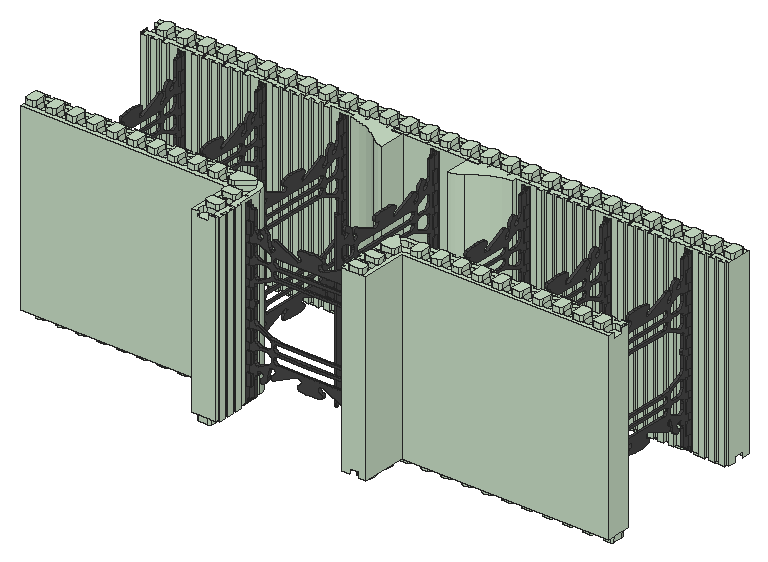
Revit family (continued)
Forms (in)
  Extrusion 45, solid, material "NUDURA Expanded Polystyrene Foam Insulation"
    sketch origin (6, -6, 0) x (1, 0, 0) y (0, 1, 0)
      loop
        line (6, -4.89806) -> (6, -3.9769)
    from 0 to -0.5
  Extrusion 46, void
    sketch origin (7.99998, -0.00002, 0) x (0, -1, 0) y (1, 0, 0)
      loop
        arc (-5.13595, -25.17306) -> (-5.1875, -25.49998) -> (-5.13595, -25.8269) r 1.0625
        arc (-5.13595, -25.8269) -> (-5.04517, -25.95213) -> (-4.89808, -25.99998) r 0.25
        line (-4.89808, -25.99998) -> (-3.97692, -25.99998)
        arc (-3.97692, -25.99998) -> (-3.88568, -25.98274) -> (-3.80702, -25.93338) r 0.25
        arc (-3.80702, -25.93338) -> (-3.78736, -25.92104) -> (-3.76455, -25.91673) r 0.0625
        line (-3.76455, -25.91673) -> (-3.41845, -25.91673) -> (-3.41845, -25.7459) -> (-3.64005, -25.7459)
        arc (-3.64005, -25.7459) -> (-3.68771, -25.72383) -> (-3.70172, -25.67321) r 0.0625
        arc (-3.70172, -25.67321) -> (-3.69045, -25.4209) -> (-3.73905, -25.17306) r 1.0625
        arc (-3.73905, -25.17306) -> (-3.82983, -25.04783) -> (-3.97692, -24.99998) r 0.25
        line (-3.97692, -24.99998) -> (-4.89808, -24.99998)
        arc (-4.89808, -24.99998) -> (-5.04517, -25.04783) -> (-5.13595, -25.17306) r 0.25
    from 18 to 17.5
  Extrusion 47, void
    sketch origin (9.99998, -0.00002, 0) x (0, -1, 0) y (1, 0, 0)
      loop
        arc (-5.13595, -25.17306) -> (-5.1875, -25.49998) -> (-5.13595, -25.8269) r 1.0625
        arc (-5.13595, -25.8269) -> (-5.04517, -25.95213) -> (-4.89808, -25.99998) r 0.25
        line (-4.89808, -25.99998) -> (-3.97692, -25.99998)
        arc (-3.97692, -25.99998) -> (-3.88568, -25.98274) -> (-3.80702, -25.93338) r 0.25
        arc (-3.80702, -25.93338) -> (-3.78736, -25.92104) -> (-3.76455, -25.91673) r 0.0625
        line (-3.76455, -25.91673) -> (-3.41845, -25.91673) -> (-3.41845, -25.7459) -> (-3.64005, -25.7459)
        arc (-3.64005, -25.7459) -> (-3.68771, -25.72383) -> (-3.70172, -25.67321) r 0.0625
        arc (-3.70172, -25.67321) -> (-3.69045, -25.4209) -> (-3.73905, -25.17306) r 1.0625
        arc (-3.73905, -25.17306) -> (-3.82983, -25.04783) -> (-3.97692, -24.99998) r 0.25
        line (-3.97692, -24.99998) -> (-4.89808, -24.99998)
        arc (-4.89808, -24.99998) -> (-5.04517, -25.04783) -> (-5.13595, -25.17306) r 0.25
    from 18 to 17.5
  Extrusion 48, void
    sketch origin (11.99998, -0.00002, 0) x (0, -1, 0) y (1, 0, 0)
      loop
        arc (-5.13595, -25.17306) -> (-5.1875, -25.49998) -> (-5.13595, -25.8269) r 1.0625
        arc (-5.13595, -25.8269) -> (-5.04517, -25.95213) -> (-4.89808, -25.99998) r 0.25
        line (-4.89808, -25.99998) -> (-3.97692, -25.99998)
        arc (-3.97692, -25.99998) -> (-3.88568, -25.98274) -> (-3.80702, -25.93338) r 0.25
        arc (-3.80702, -25.93338) -> (-3.78736, -25.92104) -> (-3.76455, -25.91673) r 0.0625
        line (-3.76455, -25.91673) -> (-3.41845, -25.91673) -> (-3.41845, -25.7459) -> (-3.64005, -25.7459)
        arc (-3.64005, -25.7459) -> (-3.68771, -25.72383) -> (-3.70172, -25.67321) r 0.0625
        arc (-3.70172, -25.67321) -> (-3.69045, -25.4209) -> (-3.73905, -25.17306) r 1.0625
        arc (-3.73905, -25.17306) -> (-3.82983, -25.04783) -> (-3.97692, -24.99998) r 0.25
        line (-3.97692, -24.99998) -> (-4.89808, -24.99998)
        arc (-4.89808, -24.99998) -> (-5.04517, -25.04783) -> (-5.13595, -25.17306) r 0.25
    from 18 to 17.5
  Extrusion 49, void
    sketch origin (13.99998, -0.00002, 0) x (0, -1, 0) y (1, 0, 0)
      loop
        arc (-5.13595, -25.17306) -> (-5.1875, -25.49998) -> (-5.13595, -25.8269) r 1.0625
        arc (-5.13595, -25.8269) -> (-5.04517, -25.95213) -> (-4.89808, -25.99998) r 0.25
        line (-4.89808, -25.99998) -> (-3.97692, -25.99998)
        arc (-3.97692, -25.99998) -> (-3.88568, -25.98274) -> (-3.80702, -25.93338) r 0.25
        arc (-3.80702, -25.93338) -> (-3.78736, -25.92104) -> (-3.76455, -25.91673) r 0.0625
        line (-3.76455, -25.91673) -> (-3.41845, -25.91673) -> (-3.41845, -25.7459) -> (-3.64005, -25.7459)
        arc (-3.64005, -25.7459) -> (-3.68771, -25.72383) -> (-3.70172, -25.67321) r 0.0625
        arc (-3.70172, -25.67321) -> (-3.69045, -25.4209) -> (-3.73905, -25.17306) r 1.0625
        arc (-3.73905, -25.17306) -> (-3.82983, -25.04783) -> (-3.97692, -24.99998) r 0.25
        line (-3.97692, -24.99998) -> (-4.89808, -24.99998)
        arc (-4.89808, -24.99998) -> (-5.04517, -25.04783) -> (-5.13595, -25.17306) r 0.25
    from 18 to 17.5
  Extrusion 50, void
    sketch origin (5.99998, -0.00002, 0) x (0, -1, 0) y (1, 0, 0)
      loop
        arc (-5.13595, -25.17306) -> (-5.1875, -25.49998) -> (-5.13595, -25.8269) r 1.0625
        arc (-5.13595, -25.8269) -> (-5.04517, -25.95213) -> (-4.89808, -25.99998) r 0.25
        line (-4.89808, -25.99998) -> (-3.97692, -25.99998)
        arc (-3.97692, -25.99998) -> (-3.88568, -25.98274) -> (-3.80702, -25.93338) r 0.25
        arc (-3.80702, -25.93338) -> (-3.78736, -25.92104) -> (-3.76455, -25.91673) r 0.0625
        line (-3.76455, -25.91673) -> (-3.41845, -25.91673) -> (-3.41845, -25.7459) -> (-3.64005, -25.7459)
        arc (-3.64005, -25.7459) -> (-3.68771, -25.72383) -> (-3.70172, -25.67321) r 0.0625
        arc (-3.70172, -25.67321) -> (-3.69045, -25.4209) -> (-3.73905, -25.17306) r 1.0625
        arc (-3.73905, -25.17306) -> (-3.82983, -25.04783) -> (-3.97692, -24.99998) r 0.25
        line (-3.97692, -24.99998) -> (-4.89808, -24.99998)
        arc (-4.89808, -24.99998) -> (-5.04517, -25.04783) -> (-5.13595, -25.17306) r 0.25
    from 18 to 17.5
  Extrusion 51, void
    sketch origin (-0.00002, -0.00002, 0) x (0, -1, 0) y (1, 0, 0)
      loop
        arc (-5.13595, -25.17306) -> (-5.1875, -25.49998) -> (-5.13595, -25.8269) r 1.0625
        arc (-5.13595, -25.8269) -> (-5.04517, -25.95213) -> (-4.89808, -25.99998) r 0.25
        line (-4.89808, -25.99998) -> (-3.97692, -25.99998)
        arc (-3.97692, -25.99998) -> (-3.88568, -25.98274) -> (-3.80702, -25.93338) r 0.25
        arc (-3.80702, -25.93338) -> (-3.78736, -25.92104) -> (-3.76455, -25.91673) r 0.0625
        line (-3.76455, -25.91673) -> (-3.41845, -25.91673) -> (-3.41845, -25.7459) -> (-3.64005, -25.7459)
        arc (-3.64005, -25.7459) -> (-3.68771, -25.72383) -> (-3.70172, -25.67321) r 0.0625
        arc (-3.70172, -25.67321) -> (-3.69045, -25.4209) -> (-3.73905, -25.17306) r 1.0625
        arc (-3.73905, -25.17306) -> (-3.82983, -25.04783) -> (-3.97692, -24.99998) r 0.25
        line (-3.97692, -24.99998) -> (-4.89808, -24.99998)
        arc (-4.89808, -24.99998) -> (-5.04517, -25.04783) -> (-5.13595, -25.17306) r 0.25
    from 18 to 17.5
  Extrusion 52, void
    sketch origin (1.99998, -0.00002, 0) x (0, -1, 0) y (1, 0, 0)
      loop
        arc (-5.13595, -25.17306) -> (-5.1875, -25.49998) -> (-5.13595, -25.8269) r 1.0625
        arc (-5.13595, -25.8269) -> (-5.04517, -25.95213) -> (-4.89808, -25.99998) r 0.25
        line (-4.89808, -25.99998) -> (-3.97692, -25.99998)
        arc (-3.97692, -25.99998) -> (-3.88568, -25.98274) -> (-3.80702, -25.93338) r 0.25
        arc (-3.80702, -25.93338) -> (-3.78736, -25.92104) -> (-3.76455, -25.91673) r 0.0625
        line (-3.76455, -25.91673) -> (-3.41845, -25.91673) -> (-3.41845, -25.7459) -> (-3.64005, -25.7459)
        arc (-3.64005, -25.7459) -> (-3.68771, -25.72383) -> (-3.70172, -25.67321) r 0.0625
        arc (-3.70172, -25.67321) -> (-3.69045, -25.4209) -> (-3.73905, -25.17306) r 1.0625
        arc (-3.73905, -25.17306) -> (-3.82983, -25.04783) -> (-3.97692, -24.99998) r 0.25
        line (-3.97692, -24.99998) -> (-4.89808, -24.99998)
        arc (-4.89808, -24.99998) -> (-5.04517, -25.04783) -> (-5.13595, -25.17306) r 0.25
    from 18 to 17.5
  Extrusion 53, void
    sketch origin (3.99998, -0.00002, 0) x (0, -1, 0) y (1, 0, 0)
      loop
        arc (-5.13595, -25.17306) -> (-5.1875, -25.49998) -> (-5.13595, -25.8269) r 1.0625
        arc (-5.13595, -25.8269) -> (-5.04517, -25.95213) -> (-4.89808, -25.99998) r 0.25
        line (-4.89808, -25.99998) -> (-3.97692, -25.99998)
        arc (-3.97692, -25.99998) -> (-3.88568, -25.98274) -> (-3.80702, -25.93338) r 0.25
        arc (-3.80702, -25.93338) -> (-3.78736, -25.92104) -> (-3.76455, -25.91673) r 0.0625
        line (-3.76455, -25.91673) -> (-3.41845, -25.91673) -> (-3.41845, -25.7459) -> (-3.64005, -25.7459)
        arc (-3.64005, -25.7459) -> (-3.68771, -25.72383) -> (-3.70172, -25.67321) r 0.0625
        arc (-3.70172, -25.67321) -> (-3.69045, -25.4209) -> (-3.73905, -25.17306) r 1.0625
        arc (-3.73905, -25.17306) -> (-3.82983, -25.04783) -> (-3.97692, -24.99998) r 0.25
        line (-3.97692, -24.99998) -> (-4.89808, -24.99998)
        arc (-4.89808, -24.99998) -> (-5.04517, -25.04783) -> (-5.13595, -25.17306) r 0.25
    from 18 to 17.5
  Extrusion 54, void
    sketch origin (-35.99998, -5.99998, 0) x (0, 1, 0) y (-1, 0, 0)
      loop
        arc (-5.13595, -25.17306) -> (-5.1875, -25.49998) -> (-5.13595, -25.8269) r 1.0625
        arc (-5.13595, -25.8269) -> (-5.04517, -25.95213) -> (-4.89808, -25.99998) r 0.25
        line (-4.89808, -25.99998) -> (-3.97692, -25.99998)
        arc (-3.97692, -25.99998) -> (-3.88568, -25.98274) -> (-3.80702, -25.93338) r 0.25
        arc (-3.80702, -25.93338) -> (-3.78736, -25.92104) -> (-3.76455, -25.91673) r 0.0625
        line (-3.76455, -25.91673) -> (-3.41845, -25.91673) -> (-3.41845, -25.7459) -> (-3.64005, -25.7459)
        arc (-3.64005, -25.7459) -> (-3.68771, -25.72383) -> (-3.70172, -25.67321) r 0.0625
        arc (-3.70172, -25.67321) -> (-3.69045, -25.4209) -> (-3.73905, -25.17306) r 1.0625
        arc (-3.73905, -25.17306) -> (-3.82983, -25.04783) -> (-3.97692, -24.99998) r 0.25
        line (-3.97692, -24.99998) -> (-4.89808, -24.99998)
        arc (-4.89808, -24.99998) -> (-5.04517, -25.04783) -> (-5.13595, -25.17306) r 0.25
    from 18 to 17.5
  Extrusion 55, void
    sketch origin (-37.99998, -5.99998, 0) x (0, 1, 0) y (-1, 0, 0)
      loop
        arc (-5.13595, -25.17306) -> (-5.1875, -25.49998) -> (-5.13595, -25.8269) r 1.0625
        arc (-5.13595, -25.8269) -> (-5.04517, -25.95213) -> (-4.89808, -25.99998) r 0.25
        line (-4.89808, -25.99998) -> (-3.97692, -25.99998)
        arc (-3.97692, -25.99998) -> (-3.88568, -25.98274) -> (-3.80702, -25.93338) r 0.25
        arc (-3.80702, -25.93338) -> (-3.78736, -25.92104) -> (-3.76455, -25.91673) r 0.0625
        line (-3.76455, -25.91673) -> (-3.41845, -25.91673) -> (-3.41845, -25.7459) -> (-3.64005, -25.7459)
        arc (-3.64005, -25.7459) -> (-3.68771, -25.72383) -> (-3.70172, -25.67321) r 0.0625
        arc (-3.70172, -25.67321) -> (-3.69045, -25.4209) -> (-3.73905, -25.17306) r 1.0625
        arc (-3.73905, -25.17306) -> (-3.82983, -25.04783) -> (-3.97692, -24.99998) r 0.25
        line (-3.97692, -24.99998) -> (-4.89808, -24.99998)
        arc (-4.89808, -24.99998) -> (-5.04517, -25.04783) -> (-5.13595, -25.17306) r 0.25
    from 18 to 17.5
  Extrusion 56, void
    sketch origin (-39.99998, -5.99998, 0) x (0, 1, 0) y (-1, 0, 0)
      loop
        arc (-5.13595, -25.17306) -> (-5.1875, -25.49998) -> (-5.13595, -25.8269) r 1.0625
        arc (-5.13595, -25.8269) -> (-5.04517, -25.95213) -> (-4.89808, -25.99998) r 0.25
        line (-4.89808, -25.99998) -> (-3.97692, -25.99998)
        arc (-3.97692, -25.99998) -> (-3.88568, -25.98274) -> (-3.80702, -25.93338) r 0.25
        arc (-3.80702, -25.93338) -> (-3.78736, -25.92104) -> (-3.76455, -25.91673) r 0.0625
        line (-3.76455, -25.91673) -> (-3.41845, -25.91673) -> (-3.41845, -25.7459) -> (-3.64005, -25.7459)
        arc (-3.64005, -25.7459) -> (-3.68771, -25.72383) -> (-3.70172, -25.67321) r 0.0625
        arc (-3.70172, -25.67321) -> (-3.69045, -25.4209) -> (-3.73905, -25.17306) r 1.0625
        arc (-3.73905, -25.17306) -> (-3.82983, -25.04783) -> (-3.97692, -24.99998) r 0.25
        line (-3.97692, -24.99998) -> (-4.89808, -24.99998)
        arc (-4.89808, -24.99998) -> (-5.04517, -25.04783) -> (-5.13595, -25.17306) r 0.25
    from 18 to 17.5
  Extrusion 57, void
    sketch origin (-41.99998, -5.99998, 0) x (0, 1, 0) y (-1, 0, 0)
      loop
        arc (-5.13595, -25.17306) -> (-5.1875, -25.49998) -> (-5.13595, -25.8269) r 1.0625
        arc (-5.13595, -25.8269) -> (-5.04517, -25.95213) -> (-4.89808, -25.99998) r 0.25
        line (-4.89808, -25.99998) -> (-3.97692, -25.99998)
        arc (-3.97692, -25.99998) -> (-3.88568, -25.98274) -> (-3.80702, -25.93338) r 0.25
        arc (-3.80702, -25.93338) -> (-3.78736, -25.92104) -> (-3.76455, -25.91673) r 0.0625
        line (-3.76455, -25.91673) -> (-3.41845, -25.91673) -> (-3.41845, -25.7459) -> (-3.64005, -25.7459)
        arc (-3.64005, -25.7459) -> (-3.68771, -25.72383) -> (-3.70172, -25.67321) r 0.0625
        arc (-3.70172, -25.67321) -> (-3.69045, -25.4209) -> (-3.73905, -25.17306) r 1.0625
        arc (-3.73905, -25.17306) -> (-3.82983, -25.04783) -> (-3.97692, -24.99998) r 0.25
        line (-3.97692, -24.99998) -> (-4.89808, -24.99998)
        arc (-4.89808, -24.99998) -> (-5.04517, -25.04783) -> (-5.13595, -25.17306) r 0.25
    from 18 to 17.5
  Extrusion 58, void
    sketch origin (-43.99998, -5.99998, 0) x (0, 1, 0) y (-1, 0, 0)
      loop
        arc (-5.13595, -25.17306) -> (-5.1875, -25.49998) -> (-5.13595, -25.8269) r 1.0625
        arc (-5.13595, -25.8269) -> (-5.04517, -25.95213) -> (-4.89808, -25.99998) r 0.25
        line (-4.89808, -25.99998) -> (-3.97692, -25.99998)
        arc (-3.97692, -25.99998) -> (-3.88568, -25.98274) -> (-3.80702, -25.93338) r 0.25
        arc (-3.80702, -25.93338) -> (-3.78736, -25.92104) -> (-3.76455, -25.91673) r 0.0625
        line (-3.76455, -25.91673) -> (-3.41845, -25.91673) -> (-3.41845, -25.7459) -> (-3.64005, -25.7459)
        arc (-3.64005, -25.7459) -> (-3.68771, -25.72383) -> (-3.70172, -25.67321) r 0.0625
        arc (-3.70172, -25.67321) -> (-3.69045, -25.4209) -> (-3.73905, -25.17306) r 1.0625
        arc (-3.73905, -25.17306) -> (-3.82983, -25.04783) -> (-3.97692, -24.99998) r 0.25
        line (-3.97692, -24.99998) -> (-4.89808, -24.99998)
        arc (-4.89808, -24.99998) -> (-5.04517, -25.04783) -> (-5.13595, -25.17306) r 0.25
    from 18 to 17.5
  Extrusion 59, void
    sketch origin (-45.99998, -5.99998, 0) x (0, 1, 0) y (-1, 0, 0)
      loop
        arc (-5.13595, -25.17306) -> (-5.1875, -25.49998) -> (-5.13595, -25.8269) r 1.0625
        arc (-5.13595, -25.8269) -> (-5.04517, -25.95213) -> (-4.89808, -25.99998) r 0.25
        line (-4.89808, -25.99998) -> (-3.97692, -25.99998)
        arc (-3.97692, -25.99998) -> (-3.88568, -25.98274) -> (-3.80702, -25.93338) r 0.25
        arc (-3.80702, -25.93338) -> (-3.78736, -25.92104) -> (-3.76455, -25.91673) r 0.0625
        line (-3.76455, -25.91673) -> (-3.41845, -25.91673) -> (-3.41845, -25.7459) -> (-3.64005, -25.7459)
        arc (-3.64005, -25.7459) -> (-3.68771, -25.72383) -> (-3.70172, -25.67321) r 0.0625
        arc (-3.70172, -25.67321) -> (-3.69045, -25.4209) -> (-3.73905, -25.17306) r 1.0625
        arc (-3.73905, -25.17306) -> (-3.82983, -25.04783) -> (-3.97692, -24.99998) r 0.25
        line (-3.97692, -24.99998) -> (-4.89808, -24.99998)
        arc (-4.89808, -24.99998) -> (-5.04517, -25.04783) -> (-5.13595, -25.17306) r 0.25
    from 18 to 17.5
  Extrusion 60, void
    sketch origin (-47.99998, -5.99998, 0) x (0, 1, 0) y (-1, 0, 0)
      loop
        arc (-5.13595, -25.17306) -> (-5.1875, -25.49998) -> (-5.13595, -25.8269) r 1.0625
        arc (-5.13595, -25.8269) -> (-5.04517, -25.95213) -> (-4.89808, -25.99998) r 0.25
        line (-4.89808, -25.99998) -> (-3.97692, -25.99998)
        arc (-3.97692, -25.99998) -> (-3.88568, -25.98274) -> (-3.80702, -25.93338) r 0.25
        arc (-3.80702, -25.93338) -> (-3.78736, -25.92104) -> (-3.76455, -25.91673) r 0.0625
        line (-3.76455, -25.91673) -> (-3.41845, -25.91673) -> (-3.41845, -25.7459) -> (-3.64005, -25.7459)
        arc (-3.64005, -25.7459) -> (-3.68771, -25.72383) -> (-3.70172, -25.67321) r 0.0625
        arc (-3.70172, -25.67321) -> (-3.69045, -25.4209) -> (-3.73905, -25.17306) r 1.0625
        arc (-3.73905, -25.17306) -> (-3.82983, -25.04783) -> (-3.97692, -24.99998) r 0.25
        line (-3.97692, -24.99998) -> (-4.89808, -24.99998)
        arc (-4.89808, -24.99998) -> (-5.04517, -25.04783) -> (-5.13595, -25.17306) r 0.25
    from 18 to 17.5
  Extrusion 61, void
    sketch origin (-49.99998, -5.99998, 0) x (0, 1, 0) y (-1, 0, 0)
      loop
        arc (-5.13595, -25.17306) -> (-5.1875, -25.49998) -> (-5.13595, -25.8269) r 1.0625
        arc (-5.13595, -25.8269) -> (-5.04517, -25.95213) -> (-4.89808, -25.99998) r 0.25
        line (-4.89808, -25.99998) -> (-3.97692, -25.99998)
        arc (-3.97692, -25.99998) -> (-3.88568, -25.98274) -> (-3.80702, -25.93338) r 0.25
        arc (-3.80702, -25.93338) -> (-3.78736, -25.92104) -> (-3.76455, -25.91673) r 0.0625
        line (-3.76455, -25.91673) -> (-3.41845, -25.91673) -> (-3.41845, -25.7459) -> (-3.64005, -25.7459)
        arc (-3.64005, -25.7459) -> (-3.68771, -25.72383) -> (-3.70172, -25.67321) r 0.0625
        arc (-3.70172, -25.67321) -> (-3.69045, -25.4209) -> (-3.73905, -25.17306) r 1.0625
        arc (-3.73905, -25.17306) -> (-3.82983, -25.04783) -> (-3.97692, -24.99998) r 0.25
        line (-3.97692, -24.99998) -> (-4.89808, -24.99998)
        arc (-4.89808, -24.99998) -> (-5.04517, -25.04783) -> (-5.13595, -25.17306) r 0.25
    from 18 to 17.5
  Extrusion 62, void
    sketch origin (-7.99998, -5.99998, 0) x (0, 1, 0) y (-1, 0, 0)
      loop
        arc (-5.13595, -25.17306) -> (-5.1875, -25.49998) -> (-5.13595, -25.8269) r 1.0625
        arc (-5.13595, -25.8269) -> (-5.04517, -25.95213) -> (-4.89808, -25.99998) r 0.25
        line (-4.89808, -25.99998) -> (-3.97692, -25.99998)
        arc (-3.97692, -25.99998) -> (-3.88568, -25.98274) -> (-3.80702, -25.93338) r 0.25
        arc (-3.80702, -25.93338) -> (-3.78736, -25.92104) -> (-3.76455, -25.91673) r 0.0625
        line (-3.76455, -25.91673) -> (-3.41845, -25.91673) -> (-3.41845, -25.7459) -> (-3.64005, -25.7459)
        arc (-3.64005, -25.7459) -> (-3.68771, -25.72383) -> (-3.70172, -25.67321) r 0.0625
        arc (-3.70172, -25.67321) -> (-3.69045, -25.4209) -> (-3.73905, -25.17306) r 1.0625
        arc (-3.73905, -25.17306) -> (-3.82983, -25.04783) -> (-3.97692, -24.99998) r 0.25
        line (-3.97692, -24.99998) -> (-4.89808, -24.99998)
        arc (-4.89808, -24.99998) -> (-5.04517, -25.04783) -> (-5.13595, -25.17306) r 0.25
    from 18 to 17.5
  Extrusion 63, void
    sketch origin (-5.99998, -5.99998, 0) x (0, 1, 0) y (-1, 0, 0)
      loop
        arc (-5.13595, -25.17306) -> (-5.1875, -25.49998) -> (-5.13595, -25.8269) r 1.0625
        arc (-5.13595, -25.8269) -> (-5.04517, -25.95213) -> (-4.89808, -25.99998) r 0.25
        line (-4.89808, -25.99998) -> (-3.97692, -25.99998)
        arc (-3.97692, -25.99998) -> (-3.88568, -25.98274) -> (-3.80702, -25.93338) r 0.25
        arc (-3.80702, -25.93338) -> (-3.78736, -25.92104) -> (-3.76455, -25.91673) r 0.0625
        line (-3.76455, -25.91673) -> (-3.41845, -25.91673) -> (-3.41845, -25.7459) -> (-3.64005, -25.7459)
        arc (-3.64005, -25.7459) -> (-3.68771, -25.72383) -> (-3.70172, -25.67321) r 0.0625
        arc (-3.70172, -25.67321) -> (-3.69045, -25.4209) -> (-3.73905, -25.17306) r 1.0625
        arc (-3.73905, -25.17306) -> (-3.82983, -25.04783) -> (-3.97692, -24.99998) r 0.25
        line (-3.97692, -24.99998) -> (-4.89808, -24.99998)
        arc (-4.89808, -24.99998) -> (-5.04517, -25.04783) -> (-5.13595, -25.17306) r 0.25
    from 18 to 17.5
  Extrusion 64, void
    sketch origin (-3.99998, -5.99998, 0) x (0, 1, 0) y (-1, 0, 0)
      loop
        arc (-5.13595, -25.17306) -> (-5.1875, -25.49998) -> (-5.13595, -25.8269) r 1.0625
        arc (-5.13595, -25.8269) -> (-5.04517, -25.95213) -> (-4.89808, -25.99998) r 0.25
        line (-4.89808, -25.99998) -> (-3.97692, -25.99998)
        arc (-3.97692, -25.99998) -> (-3.88568, -25.98274) -> (-3.80702, -25.93338) r 0.25
        arc (-3.80702, -25.93338) -> (-3.78736, -25.92104) -> (-3.76455, -25.91673) r 0.0625
        line (-3.76455, -25.91673) -> (-3.41845, -25.91673) -> (-3.41845, -25.7459) -> (-3.64005, -25.7459)
        arc (-3.64005, -25.7459) -> (-3.68771, -25.72383) -> (-3.70172, -25.67321) r 0.0625
        arc (-3.70172, -25.67321) -> (-3.69045, -25.4209) -> (-3.73905, -25.17306) r 1.0625
        arc (-3.73905, -25.17306) -> (-3.82983, -25.04783) -> (-3.97692, -24.99998) r 0.25
        line (-3.97692, -24.99998) -> (-4.89808, -24.99998)
        arc (-4.89808, -24.99998) -> (-5.04517, -25.04783) -> (-5.13595, -25.17306) r 0.25
    from 18 to 17.5
  Extrusion 65, void
    sketch origin (-1.99998, -5.99998, 0) x (0, 1, 0) y (-1, 0, 0)
      loop
        arc (-5.13595, -25.17306) -> (-5.1875, -25.49998) -> (-5.13595, -25.8269) r 1.0625
        arc (-5.13595, -25.8269) -> (-5.04517, -25.95213) -> (-4.89808, -25.99998) r 0.25
        line (-4.89808, -25.99998) -> (-3.97692, -25.99998)
        arc (-3.97692, -25.99998) -> (-3.88568, -25.98274) -> (-3.80702, -25.93338) r 0.25
        arc (-3.80702, -25.93338) -> (-3.78736, -25.92104) -> (-3.76455, -25.91673) r 0.0625
        line (-3.76455, -25.91673) -> (-3.41845, -25.91673) -> (-3.41845, -25.7459) -> (-3.64005, -25.7459)
        arc (-3.64005, -25.7459) -> (-3.68771, -25.72383) -> (-3.70172, -25.67321) r 0.0625
        arc (-3.70172, -25.67321) -> (-3.69045, -25.4209) -> (-3.73905, -25.17306) r 1.0625
        arc (-3.73905, -25.17306) -> (-3.82983, -25.04783) -> (-3.97692, -24.99998) r 0.25
        line (-3.97692, -24.99998) -> (-4.89808, -24.99998)
        arc (-4.89808, -24.99998) -> (-5.04517, -25.04783) -> (-5.13595, -25.17306) r 0.25
    from 18 to 17.5
  Extrusion 66, void
    sketch origin (0.00002, -5.99998, 0) x (0, 1, 0) y (-1, 0, 0)
      loop
        arc (-5.13595, -25.17306) -> (-5.1875, -25.49998) -> (-5.13595, -25.8269) r 1.0625
        arc (-5.13595, -25.8269) -> (-5.04517, -25.95213) -> (-4.89808, -25.99998) r 0.25
        line (-4.89808, -25.99998) -> (-3.97692, -25.99998)
        arc (-3.97692, -25.99998) -> (-3.88568, -25.98274) -> (-3.80702, -25.93338) r 0.25
        arc (-3.80702, -25.93338) -> (-3.78736, -25.92104) -> (-3.76455, -25.91673) r 0.0625
        line (-3.76455, -25.91673) -> (-3.41845, -25.91673) -> (-3.41845, -25.7459) -> (-3.64005, -25.7459)
        arc (-3.64005, -25.7459) -> (-3.68771, -25.72383) -> (-3.70172, -25.67321) r 0.0625
        arc (-3.70172, -25.67321) -> (-3.69045, -25.4209) -> (-3.73905, -25.17306) r 1.0625
        arc (-3.73905, -25.17306) -> (-3.82983, -25.04783) -> (-3.97692, -24.99998) r 0.25
        line (-3.97692, -24.99998) -> (-4.89808, -24.99998)
        arc (-4.89808, -24.99998) -> (-5.04517, -25.04783) -> (-5.13595, -25.17306) r 0.25
    from 18 to 17.5
  Extrusion 67, void
    sketch origin (2.00002, -5.99998, 0) x (0, 1, 0) y (-1, 0, 0)
      loop
        arc (-5.13595, -25.17306) -> (-5.1875, -25.49998) -> (-5.13595, -25.8269) r 1.0625
        arc (-5.13595, -25.8269) -> (-5.04517, -25.95213) -> (-4.89808, -25.99998) r 0.25
        line (-4.89808, -25.99998) -> (-3.97692, -25.99998)
        arc (-3.97692, -25.99998) -> (-3.88568, -25.98274) -> (-3.80702, -25.93338) r 0.25
        arc (-3.80702, -25.93338) -> (-3.78736, -25.92104) -> (-3.76455, -25.91673) r 0.0625
        line (-3.76455, -25.91673) -> (-3.41845, -25.91673) -> (-3.41845, -25.7459) -> (-3.64005, -25.7459)
        arc (-3.64005, -25.7459) -> (-3.68771, -25.72383) -> (-3.70172, -25.67321) r 0.0625
        arc (-3.70172, -25.67321) -> (-3.69045, -25.4209) -> (-3.73905, -25.17306) r 1.0625
        arc (-3.73905, -25.17306) -> (-3.82983, -25.04783) -> (-3.97692, -24.99998) r 0.25
        line (-3.97692, -24.99998) -> (-4.89808, -24.99998)
        arc (-4.89808, -24.99998) -> (-5.04517, -25.04783) -> (-5.13595, -25.17306) r 0.25
    from 18 to 17.5
  Extrusion 68, void
    sketch origin (4.00002, -5.99998, 0) x (0, 1, 0) y (-1, 0, 0)
      loop
        arc (-5.13595, -25.17306) -> (-5.1875, -25.49998) -> (-5.13595, -25.8269) r 1.0625
        arc (-5.13595, -25.8269) -> (-5.04517, -25.95213) -> (-4.89808, -25.99998) r 0.25
        line (-4.89808, -25.99998) -> (-3.97692, -25.99998)
        arc (-3.97692, -25.99998) -> (-3.88568, -25.98274) -> (-3.80702, -25.93338) r 0.25
        arc (-3.80702, -25.93338) -> (-3.78736, -25.92104) -> (-3.76455, -25.91673) r 0.0625
        line (-3.76455, -25.91673) -> (-3.41845, -25.91673) -> (-3.41845, -25.7459) -> (-3.64005, -25.7459)
        arc (-3.64005, -25.7459) -> (-3.68771, -25.72383) -> (-3.70172, -25.67321) r 0.0625
        arc (-3.70172, -25.67321) -> (-3.69045, -25.4209) -> (-3.73905, -25.17306) r 1.0625
        arc (-3.73905, -25.17306) -> (-3.82983, -25.04783) -> (-3.97692, -24.99998) r 0.25
        line (-3.97692, -24.99998) -> (-4.89808, -24.99998)
        arc (-4.89808, -24.99998) -> (-5.04517, -25.04783) -> (-5.13595, -25.17306) r 0.25
    from 18 to 17.5
  Extrusion 69, void
    sketch origin (6.00002, -5.99998, 0) x (0, 1, 0) y (-1, 0, 0)
      loop
        arc (-5.13595, -25.17306) -> (-5.1875, -25.49998) -> (-5.13595, -25.8269) r 1.0625
        arc (-5.13595, -25.8269) -> (-5.04517, -25.95213) -> (-4.89808, -25.99998) r 0.25
        line (-4.89808, -25.99998) -> (-3.97692, -25.99998)
        arc (-3.97692, -25.99998) -> (-3.88568, -25.98274) -> (-3.80702, -25.93338) r 0.25
        arc (-3.80702, -25.93338) -> (-3.78736, -25.92104) -> (-3.76455, -25.91673) r 0.0625
        line (-3.76455, -25.91673) -> (-3.41845, -25.91673) -> (-3.41845, -25.7459) -> (-3.64005, -25.7459)
        arc (-3.64005, -25.7459) -> (-3.68771, -25.72383) -> (-3.70172, -25.67321) r 0.0625
        arc (-3.70172, -25.67321) -> (-3.69045, -25.4209) -> (-3.73905, -25.17306) r 1.0625
        arc (-3.73905, -25.17306) -> (-3.82983, -25.04783) -> (-3.97692, -24.99998) r 0.25
        line (-3.97692, -24.99998) -> (-4.89808, -24.99998)
        arc (-4.89808, -24.99998) -> (-5.04517, -25.04783) -> (-5.13595, -25.17306) r 0.25
    from 18 to 17.5
  Extrusion 70, void
    sketch origin (37.99998, -0.00002, 0) x (0, -1, 0) y (1, 0, 0)
      loop
        arc (-5.13595, -25.17306) -> (-5.1875, -25.49998) -> (-5.13595, -25.8269) r 1.0625
        arc (-5.13595, -25.8269) -> (-5.04517, -25.95213) -> (-4.89808, -25.99998) r 0.25
        line (-4.89808, -25.99998) -> (-3.97692, -25.99998)
        arc (-3.97692, -25.99998) -> (-3.88568, -25.98274) -> (-3.80702, -25.93338) r 0.25
        arc (-3.80702, -25.93338) -> (-3.78736, -25.92104) -> (-3.76455, -25.91673) r 0.0625
        line (-3.76455, -25.91673) -> (-3.41845, -25.91673) -> (-3.41845, -25.7459) -> (-3.64005, -25.7459)
        arc (-3.64005, -25.7459) -> (-3.68771, -25.72383) -> (-3.70172, -25.67321) r 0.0625
        arc (-3.70172, -25.67321) -> (-3.69045, -25.4209) -> (-3.73905, -25.17306) r 1.0625
        arc (-3.73905, -25.17306) -> (-3.82983, -25.04783) -> (-3.97692, -24.99998) r 0.25
        line (-3.97692, -24.99998) -> (-4.89808, -24.99998)
        arc (-4.89808, -24.99998) -> (-5.04517, -25.04783) -> (-5.13595, -25.17306) r 0.25
    from 18 to 17.5
  Extrusion 71, void
    sketch origin (39.99998, -0.00002, 0) x (0, -1, 0) y (1, 0, 0)
      loop
        arc (-5.13595, -25.17306) -> (-5.1875, -25.49998) -> (-5.13595, -25.8269) r 1.0625
        arc (-5.13595, -25.8269) -> (-5.04517, -25.95213) -> (-4.89808, -25.99998) r 0.25
        line (-4.89808, -25.99998) -> (-3.97692, -25.99998)
        arc (-3.97692, -25.99998) -> (-3.88568, -25.98274) -> (-3.80702, -25.93338) r 0.25
        arc (-3.80702, -25.93338) -> (-3.78736, -25.92104) -> (-3.76455, -25.91673) r 0.0625
        line (-3.76455, -25.91673) -> (-3.41845, -25.91673) -> (-3.41845, -25.7459) -> (-3.64005, -25.7459)
        arc (-3.64005, -25.7459) -> (-3.68771, -25.72383) -> (-3.70172, -25.67321) r 0.0625
        arc (-3.70172, -25.67321) -> (-3.69045, -25.4209) -> (-3.73905, -25.17306) r 1.0625
        arc (-3.73905, -25.17306) -> (-3.82983, -25.04783) -> (-3.97692, -24.99998) r 0.25
        line (-3.97692, -24.99998) -> (-4.89808, -24.99998)
        arc (-4.89808, -24.99998) -> (-5.04517, -25.04783) -> (-5.13595, -25.17306) r 0.25
    from 18 to 17.5
  Extrusion 72, void
    sketch origin (41.99998, -0.00002, 0) x (0, -1, 0) y (1, 0, 0)
      loop
        arc (-5.13595, -25.17306) -> (-5.1875, -25.49998) -> (-5.13595, -25.8269) r 1.0625
        arc (-5.13595, -25.8269) -> (-5.04517, -25.95213) -> (-4.89808, -25.99998) r 0.25
        line (-4.89808, -25.99998) -> (-3.97692, -25.99998)
        arc (-3.97692, -25.99998) -> (-3.88568, -25.98274) -> (-3.80702, -25.93338) r 0.25
        arc (-3.80702, -25.93338) -> (-3.78736, -25.92104) -> (-3.76455, -25.91673) r 0.0625
        line (-3.76455, -25.91673) -> (-3.41845, -25.91673) -> (-3.41845, -25.7459) -> (-3.64005, -25.7459)
        arc (-3.64005, -25.7459) -> (-3.68771, -25.72383) -> (-3.70172, -25.67321) r 0.0625
        arc (-3.70172, -25.67321) -> (-3.69045, -25.4209) -> (-3.73905, -25.17306) r 1.0625
        arc (-3.73905, -25.17306) -> (-3.82983, -25.04783) -> (-3.97692, -24.99998) r 0.25
        line (-3.97692, -24.99998) -> (-4.89808, -24.99998)
        arc (-4.89808, -24.99998) -> (-5.04517, -25.04783) -> (-5.13595, -25.17306) r 0.25
    from 18 to 17.5
  Extrusion 73, void
    sketch origin (43.99998, -0.00002, 0) x (0, -1, 0) y (1, 0, 0)
      loop
        arc (-5.13595, -25.17306) -> (-5.1875, -25.49998) -> (-5.13595, -25.8269) r 1.0625
        arc (-5.13595, -25.8269) -> (-5.04517, -25.95213) -> (-4.89808, -25.99998) r 0.25
        line (-4.89808, -25.99998) -> (-3.97692, -25.99998)
        arc (-3.97692, -25.99998) -> (-3.88568, -25.98274) -> (-3.80702, -25.93338) r 0.25
        arc (-3.80702, -25.93338) -> (-3.78736, -25.92104) -> (-3.76455, -25.91673) r 0.0625
        line (-3.76455, -25.91673) -> (-3.41845, -25.91673) -> (-3.41845, -25.7459) -> (-3.64005, -25.7459)
        arc (-3.64005, -25.7459) -> (-3.68771, -25.72383) -> (-3.70172, -25.67321) r 0.0625
        arc (-3.70172, -25.67321) -> (-3.69045, -25.4209) -> (-3.73905, -25.17306) r 1.0625
        arc (-3.73905, -25.17306) -> (-3.82983, -25.04783) -> (-3.97692, -24.99998) r 0.25
        line (-3.97692, -24.99998) -> (-4.89808, -24.99998)
        arc (-4.89808, -24.99998) -> (-5.04517, -25.04783) -> (-5.13595, -25.17306) r 0.25
    from 18 to 17.5
  Extrusion 74, void
    sketch origin (45.99998, -0.00002, 0) x (0, -1, 0) y (1, 0, 0)
      loop
        arc (-5.13595, -25.17306) -> (-5.1875, -25.49998) -> (-5.13595, -25.8269) r 1.0625
        arc (-5.13595, -25.8269) -> (-5.04517, -25.95213) -> (-4.89808, -25.99998) r 0.25
        line (-4.89808, -25.99998) -> (-3.97692, -25.99998)
        arc (-3.97692, -25.99998) -> (-3.88568, -25.98274) -> (-3.80702, -25.93338) r 0.25
        arc (-3.80702, -25.93338) -> (-3.78736, -25.92104) -> (-3.76455, -25.91673) r 0.0625
        line (-3.76455, -25.91673) -> (-3.41845, -25.91673) -> (-3.41845, -25.7459) -> (-3.64005, -25.7459)
        arc (-3.64005, -25.7459) -> (-3.68771, -25.72383) -> (-3.70172, -25.67321) r 0.0625
        arc (-3.70172, -25.67321) -> (-3.69045, -25.4209) -> (-3.73905, -25.17306) r 1.0625
        arc (-3.73905, -25.17306) -> (-3.82983, -25.04783) -> (-3.97692, -24.99998) r 0.25
        line (-3.97692, -24.99998) -> (-4.89808, -24.99998)
        arc (-4.89808, -24.99998) -> (-5.04517, -25.04783) -> (-5.13595, -25.17306) r 0.25
    from 18 to 17.5
  Extrusion 75, void
    sketch origin (47.99998, -0.00002, 0) x (0, -1, 0) y (1, 0, 0)
      loop
        arc (-5.13595, -25.17306) -> (-5.1875, -25.49998) -> (-5.13595, -25.8269) r 1.0625
        arc (-5.13595, -25.8269) -> (-5.04517, -25.95213) -> (-4.89808, -25.99998) r 0.25
        line (-4.89808, -25.99998) -> (-3.97692, -25.99998)
        arc (-3.97692, -25.99998) -> (-3.88568, -25.98274) -> (-3.80702, -25.93338) r 0.25
        arc (-3.80702, -25.93338) -> (-3.78736, -25.92104) -> (-3.76455, -25.91673) r 0.0625
        line (-3.76455, -25.91673) -> (-3.41845, -25.91673) -> (-3.41845, -25.7459) -> (-3.64005, -25.7459)
        arc (-3.64005, -25.7459) -> (-3.68771, -25.72383) -> (-3.70172, -25.67321) r 0.0625
        arc (-3.70172, -25.67321) -> (-3.69045, -25.4209) -> (-3.73905, -25.17306) r 1.0625
        arc (-3.73905, -25.17306) -> (-3.82983, -25.04783) -> (-3.97692, -24.99998) r 0.25
        line (-3.97692, -24.99998) -> (-4.89808, -24.99998)
        arc (-4.89808, -24.99998) -> (-5.04517, -25.04783) -> (-5.13595, -25.17306) r 0.25
    from 18 to 17.5
  Extrusion 76, void
    sketch origin (49.99998, -0.00002, 0) x (0, -1, 0) y (1, 0, 0)
      loop
        arc (-5.13595, -25.17306) -> (-5.1875, -25.49998) -> (-5.13595, -25.8269) r 1.0625
        arc (-5.13595, -25.8269) -> (-5.04517, -25.95213) -> (-4.89808, -25.99998) r 0.25
        line (-4.89808, -25.99998) -> (-3.97692, -25.99998)
        arc (-3.97692, -25.99998) -> (-3.88568, -25.98274) -> (-3.80702, -25.93338) r 0.25
        arc (-3.80702, -25.93338) -> (-3.78736, -25.92104) -> (-3.76455, -25.91673) r 0.0625
        line (-3.76455, -25.91673) -> (-3.41845, -25.91673) -> (-3.41845, -25.7459) -> (-3.64005, -25.7459)
        arc (-3.64005, -25.7459) -> (-3.68771, -25.72383) -> (-3.70172, -25.67321) r 0.0625
        arc (-3.70172, -25.67321) -> (-3.69045, -25.4209) -> (-3.73905, -25.17306) r 1.0625
        arc (-3.73905, -25.17306) -> (-3.82983, -25.04783) -> (-3.97692, -24.99998) r 0.25
        line (-3.97692, -24.99998) -> (-4.89808, -24.99998)
        arc (-4.89808, -24.99998) -> (-5.04517, -25.04783) -> (-5.13595, -25.17306) r 0.25
    from 18 to 17.5
  Extrusion 77, void
    sketch origin (35.99998, -0.00002, 0) x (0, -1, 0) y (1, 0, 0)
      loop
        arc (-5.13595, -25.17306) -> (-5.1875, -25.49998) -> (-5.13595, -25.8269) r 1.0625
        arc (-5.13595, -25.8269) -> (-5.04517, -25.95213) -> (-4.89808, -25.99998) r 0.25
        line (-4.89808, -25.99998) -> (-3.97692, -25.99998)
        arc (-3.97692, -25.99998) -> (-3.88568, -25.98274) -> (-3.80702, -25.93338) r 0.25
        arc (-3.80702, -25.93338) -> (-3.78736, -25.92104) -> (-3.76455, -25.91673) r 0.0625
        line (-3.76455, -25.91673) -> (-3.41845, -25.91673) -> (-3.41845, -25.7459) -> (-3.64005, -25.7459)
        arc (-3.64005, -25.7459) -> (-3.68771, -25.72383) -> (-3.70172, -25.67321) r 0.0625
        arc (-3.70172, -25.67321) -> (-3.69045, -25.4209) -> (-3.73905, -25.17306) r 1.0625
        arc (-3.73905, -25.17306) -> (-3.82983, -25.04783) -> (-3.97692, -24.99998) r 0.25
        line (-3.97692, -24.99998) -> (-4.89808, -24.99998)
        arc (-4.89808, -24.99998) -> (-5.04517, -25.04783) -> (-5.13595, -25.17306) r 0.25
    from 18 to 17.5
  Extrusion 78, void
    sketch origin (13.99998, -5.99998, 0) x (0, 1, 0) y (-1, 0, 0)
      loop
        arc (-5.13595, 25.17306) -> (-5.04517, 25.04783) -> (-4.89808, 24.99998) r 0.25
        line (-4.89808, 24.99998) -> (-3.97692, 24.99998)
        arc (-3.97692, 24.99998) -> (-3.82983, 25.04783) -> (-3.73905, 25.17306) r 0.25
        arc (-3.73905, 25.17306) -> (-3.69045, 25.4209) -> (-3.70172, 25.67321) r 1.0625
        arc (-3.70172, 25.67321) -> (-3.68771, 25.72383) -> (-3.64005, 25.7459) r 0.0625
        line (-3.64005, 25.7459) -> (-3.41845, 25.7459) -> (-3.41845, 25.91673) -> (-3.76455, 25.91673)
        arc (-3.76455, 25.91673) -> (-3.78736, 25.92104) -> (-3.80702, 25.93338) r 0.0625
        arc (-3.80702, 25.93338) -> (-3.88568, 25.98274) -> (-3.97692, 25.99998) r 0.25
        line (-3.97692, 25.99998) -> (-4.89808, 25.99998)
        arc (-4.89808, 25.99998) -> (-5.04517, 25.95213) -> (-5.13595, 25.8269) r 0.25
        arc (-5.13595, 25.8269) -> (-5.1875, 25.49998) -> (-5.13595, 25.17306) r 1.0625
    from 0 to 0.5
  Extrusion 79, void
    sketch origin (11.99998, -5.99998, 0) x (0, 1, 0) y (-1, 0, 0)
      loop
        arc (-5.13595, 25.17306) -> (-5.04517, 25.04783) -> (-4.89808, 24.99998) r 0.25
        line (-4.89808, 24.99998) -> (-3.97692, 24.99998)
        arc (-3.97692, 24.99998) -> (-3.82983, 25.04783) -> (-3.73905, 25.17306) r 0.25
        arc (-3.73905, 25.17306) -> (-3.69045, 25.4209) -> (-3.70172, 25.67321) r 1.0625
        arc (-3.70172, 25.67321) -> (-3.68771, 25.72383) -> (-3.64005, 25.7459) r 0.0625
        line (-3.64005, 25.7459) -> (-3.41845, 25.7459) -> (-3.41845, 25.91673) -> (-3.76455, 25.91673)
        arc (-3.76455, 25.91673) -> (-3.78736, 25.92104) -> (-3.80702, 25.93338) r 0.0625
        arc (-3.80702, 25.93338) -> (-3.88568, 25.98274) -> (-3.97692, 25.99998) r 0.25
        line (-3.97692, 25.99998) -> (-4.89808, 25.99998)
        arc (-4.89808, 25.99998) -> (-5.04517, 25.95213) -> (-5.13595, 25.8269) r 0.25
        arc (-5.13595, 25.8269) -> (-5.1875, 25.49998) -> (-5.13595, 25.17306) r 1.0625
    from 0 to 0.5
  Extrusion 80, void
    sketch origin (9.99998, -5.99998, 0) x (0, 1, 0) y (-1, 0, 0)
      loop
        arc (-5.13595, 25.17306) -> (-5.04517, 25.04783) -> (-4.89808, 24.99998) r 0.25
        line (-4.89808, 24.99998) -> (-3.97692, 24.99998)
        arc (-3.97692, 24.99998) -> (-3.82983, 25.04783) -> (-3.73905, 25.17306) r 0.25
        arc (-3.73905, 25.17306) -> (-3.69045, 25.4209) -> (-3.70172, 25.67321) r 1.0625
        arc (-3.70172, 25.67321) -> (-3.68771, 25.72383) -> (-3.64005, 25.7459) r 0.0625
        line (-3.64005, 25.7459) -> (-3.41845, 25.7459) -> (-3.41845, 25.91673) -> (-3.76455, 25.91673)
        arc (-3.76455, 25.91673) -> (-3.78736, 25.92104) -> (-3.80702, 25.93338) r 0.0625
        arc (-3.80702, 25.93338) -> (-3.88568, 25.98274) -> (-3.97692, 25.99998) r 0.25
        line (-3.97692, 25.99998) -> (-4.89808, 25.99998)
        arc (-4.89808, 25.99998) -> (-5.04517, 25.95213) -> (-5.13595, 25.8269) r 0.25
        arc (-5.13595, 25.8269) -> (-5.1875, 25.49998) -> (-5.13595, 25.17306) r 1.0625
    from 0 to 0.5
  Extrusion 81, void
    sketch origin (7.99998, -5.99998, 0) x (0, 1, 0) y (-1, 0, 0)
      loop
        arc (-5.13595, 25.17306) -> (-5.04517, 25.04783) -> (-4.89808, 24.99998) r 0.25
        line (-4.89808, 24.99998) -> (-3.97692, 24.99998)
        arc (-3.97692, 24.99998) -> (-3.82983, 25.04783) -> (-3.73905, 25.17306) r 0.25
        arc (-3.73905, 25.17306) -> (-3.69045, 25.4209) -> (-3.70172, 25.67321) r 1.0625
        arc (-3.70172, 25.67321) -> (-3.68771, 25.72383) -> (-3.64005, 25.7459) r 0.0625
        line (-3.64005, 25.7459) -> (-3.41845, 25.7459) -> (-3.41845, 25.91673) -> (-3.76455, 25.91673)
        arc (-3.76455, 25.91673) -> (-3.78736, 25.92104) -> (-3.80702, 25.93338) r 0.0625
        arc (-3.80702, 25.93338) -> (-3.88568, 25.98274) -> (-3.97692, 25.99998) r 0.25
        line (-3.97692, 25.99998) -> (-4.89808, 25.99998)
        arc (-4.89808, 25.99998) -> (-5.04517, 25.95213) -> (-5.13595, 25.8269) r 0.25
        arc (-5.13595, 25.8269) -> (-5.1875, 25.49998) -> (-5.13595, 25.17306) r 1.0625
    from 0 to 0.5
  Extrusion 82, void
    sketch origin (5.99998, -5.99998, 0) x (0, 1, 0) y (-1, 0, 0)
      loop
        arc (-5.13595, 25.17306) -> (-5.04517, 25.04783) -> (-4.89808, 24.99998) r 0.25
        line (-4.89808, 24.99998) -> (-3.97692, 24.99998)
        arc (-3.97692, 24.99998) -> (-3.82983, 25.04783) -> (-3.73905, 25.17306) r 0.25
        arc (-3.73905, 25.17306) -> (-3.69045, 25.4209) -> (-3.70172, 25.67321) r 1.0625
        arc (-3.70172, 25.67321) -> (-3.68771, 25.72383) -> (-3.64005, 25.7459) r 0.0625
        line (-3.64005, 25.7459) -> (-3.41845, 25.7459) -> (-3.41845, 25.91673) -> (-3.76455, 25.91673)
        arc (-3.76455, 25.91673) -> (-3.78736, 25.92104) -> (-3.80702, 25.93338) r 0.0625
        arc (-3.80702, 25.93338) -> (-3.88568, 25.98274) -> (-3.97692, 25.99998) r 0.25
        line (-3.97692, 25.99998) -> (-4.89808, 25.99998)
        arc (-4.89808, 25.99998) -> (-5.04517, 25.95213) -> (-5.13595, 25.8269) r 0.25
        arc (-5.13595, 25.8269) -> (-5.1875, 25.49998) -> (-5.13595, 25.17306) r 1.0625
    from 0 to 0.5
  Extrusion 83, void
    sketch origin (3.99998, -5.99998, 0) x (0, 1, 0) y (-1, 0, 0)
      loop
        arc (-5.13595, 25.17306) -> (-5.04517, 25.04783) -> (-4.89808, 24.99998) r 0.25
        line (-4.89808, 24.99998) -> (-3.97692, 24.99998)
        arc (-3.97692, 24.99998) -> (-3.82983, 25.04783) -> (-3.73905, 25.17306) r 0.25
        arc (-3.73905, 25.17306) -> (-3.69045, 25.4209) -> (-3.70172, 25.67321) r 1.0625
        arc (-3.70172, 25.67321) -> (-3.68771, 25.72383) -> (-3.64005, 25.7459) r 0.0625
        line (-3.64005, 25.7459) -> (-3.41845, 25.7459) -> (-3.41845, 25.91673) -> (-3.76455, 25.91673)
        arc (-3.76455, 25.91673) -> (-3.78736, 25.92104) -> (-3.80702, 25.93338) r 0.0625
        arc (-3.80702, 25.93338) -> (-3.88568, 25.98274) -> (-3.97692, 25.99998) r 0.25
        line (-3.97692, 25.99998) -> (-4.89808, 25.99998)
        arc (-4.89808, 25.99998) -> (-5.04517, 25.95213) -> (-5.13595, 25.8269) r 0.25
        arc (-5.13595, 25.8269) -> (-5.1875, 25.49998) -> (-5.13595, 25.17306) r 1.0625
    from 0 to 0.5
  Extrusion 84, void
    sketch origin (1.99998, -5.99998, 0) x (0, 1, 0) y (-1, 0, 0)
      loop
        arc (-5.13595, 25.17306) -> (-5.04517, 25.04783) -> (-4.89808, 24.99998) r 0.25
        line (-4.89808, 24.99998) -> (-3.97692, 24.99998)
        arc (-3.97692, 24.99998) -> (-3.82983, 25.04783) -> (-3.73905, 25.17306) r 0.25
        arc (-3.73905, 25.17306) -> (-3.69045, 25.4209) -> (-3.70172, 25.67321) r 1.0625
        arc (-3.70172, 25.67321) -> (-3.68771, 25.72383) -> (-3.64005, 25.7459) r 0.0625
        line (-3.64005, 25.7459) -> (-3.41845, 25.7459) -> (-3.41845, 25.91673) -> (-3.76455, 25.91673)
        arc (-3.76455, 25.91673) -> (-3.78736, 25.92104) -> (-3.80702, 25.93338) r 0.0625
        arc (-3.80702, 25.93338) -> (-3.88568, 25.98274) -> (-3.97692, 25.99998) r 0.25
        line (-3.97692, 25.99998) -> (-4.89808, 25.99998)
        arc (-4.89808, 25.99998) -> (-5.04517, 25.95213) -> (-5.13595, 25.8269) r 0.25
        arc (-5.13595, 25.8269) -> (-5.1875, 25.49998) -> (-5.13595, 25.17306) r 1.0625
    from 0 to 0.5
  Extrusion 85, void
    sketch origin (-0.00002, -5.99998, 0) x (0, 1, 0) y (-1, 0, 0)
      loop
        arc (-5.13595, 25.17306) -> (-5.04517, 25.04783) -> (-4.89808, 24.99998) r 0.25
        line (-4.89808, 24.99998) -> (-3.97692, 24.99998)
        arc (-3.97692, 24.99998) -> (-3.82983, 25.04783) -> (-3.73905, 25.17306) r 0.25
        arc (-3.73905, 25.17306) -> (-3.69045, 25.4209) -> (-3.70172, 25.67321) r 1.0625
        arc (-3.70172, 25.67321) -> (-3.68771, 25.72383) -> (-3.64005, 25.7459) r 0.0625
        line (-3.64005, 25.7459) -> (-3.41845, 25.7459) -> (-3.41845, 25.91673) -> (-3.76455, 25.91673)
        arc (-3.76455, 25.91673) -> (-3.78736, 25.92104) -> (-3.80702, 25.93338) r 0.0625
        arc (-3.80702, 25.93338) -> (-3.88568, 25.98274) -> (-3.97692, 25.99998) r 0.25
        line (-3.97692, 25.99998) -> (-4.89808, 25.99998)
        arc (-4.89808, 25.99998) -> (-5.04517, 25.95213) -> (-5.13595, 25.8269) r 0.25
        arc (-5.13595, 25.8269) -> (-5.1875, 25.49998) -> (-5.13595, 25.17306) r 1.0625
    from 0 to 0.5
  Extrusion 86, void
    sketch origin (41.99998, -5.99998, 0) x (0, 1, 0) y (-1, 0, 0)
      loop
        arc (-5.13595, 25.17306) -> (-5.04517, 25.04783) -> (-4.89808, 24.99998) r 0.25
        line (-4.89808, 24.99998) -> (-3.97692, 24.99998)
        arc (-3.97692, 24.99998) -> (-3.82983, 25.04783) -> (-3.73905, 25.17306) r 0.25
        arc (-3.73905, 25.17306) -> (-3.69045, 25.4209) -> (-3.70172, 25.67321) r 1.0625
        arc (-3.70172, 25.67321) -> (-3.68771, 25.72383) -> (-3.64005, 25.7459) r 0.0625
        line (-3.64005, 25.7459) -> (-3.41845, 25.7459) -> (-3.41845, 25.91673) -> (-3.76455, 25.91673)
        arc (-3.76455, 25.91673) -> (-3.78736, 25.92104) -> (-3.80702, 25.93338) r 0.0625
        arc (-3.80702, 25.93338) -> (-3.88568, 25.98274) -> (-3.97692, 25.99998) r 0.25
        line (-3.97692, 25.99998) -> (-4.89808, 25.99998)
        arc (-4.89808, 25.99998) -> (-5.04517, 25.95213) -> (-5.13595, 25.8269) r 0.25
        arc (-5.13595, 25.8269) -> (-5.1875, 25.49998) -> (-5.13595, 25.17306) r 1.0625
    from 0 to 0.5
  Extrusion 87, void
    sketch origin (43.99998, -5.99998, 0) x (0, 1, 0) y (-1, 0, 0)
      loop
        arc (-5.13595, 25.17306) -> (-5.04517, 25.04783) -> (-4.89808, 24.99998) r 0.25
        line (-4.89808, 24.99998) -> (-3.97692, 24.99998)
        arc (-3.97692, 24.99998) -> (-3.82983, 25.04783) -> (-3.73905, 25.17306) r 0.25
        arc (-3.73905, 25.17306) -> (-3.69045, 25.4209) -> (-3.70172, 25.67321) r 1.0625
        arc (-3.70172, 25.67321) -> (-3.68771, 25.72383) -> (-3.64005, 25.7459) r 0.0625
        line (-3.64005, 25.7459) -> (-3.41845, 25.7459) -> (-3.41845, 25.91673) -> (-3.76455, 25.91673)
        arc (-3.76455, 25.91673) -> (-3.78736, 25.92104) -> (-3.80702, 25.93338) r 0.0625
        arc (-3.80702, 25.93338) -> (-3.88568, 25.98274) -> (-3.97692, 25.99998) r 0.25
        line (-3.97692, 25.99998) -> (-4.89808, 25.99998)
        arc (-4.89808, 25.99998) -> (-5.04517, 25.95213) -> (-5.13595, 25.8269) r 0.25
        arc (-5.13595, 25.8269) -> (-5.1875, 25.49998) -> (-5.13595, 25.17306) r 1.0625
    from 0 to 0.5
  Extrusion 88, void
    sketch origin (45.99998, -5.99998, 0) x (0, 1, 0) y (-1, 0, 0)
      loop
        arc (-5.13595, 25.17306) -> (-5.04517, 25.04783) -> (-4.89808, 24.99998) r 0.25
        line (-4.89808, 24.99998) -> (-3.97692, 24.99998)
        arc (-3.97692, 24.99998) -> (-3.82983, 25.04783) -> (-3.73905, 25.17306) r 0.25
        arc (-3.73905, 25.17306) -> (-3.69045, 25.4209) -> (-3.70172, 25.67321) r 1.0625
        arc (-3.70172, 25.67321) -> (-3.68771, 25.72383) -> (-3.64005, 25.7459) r 0.0625
        line (-3.64005, 25.7459) -> (-3.41845, 25.7459) -> (-3.41845, 25.91673) -> (-3.76455, 25.91673)
        arc (-3.76455, 25.91673) -> (-3.78736, 25.92104) -> (-3.80702, 25.93338) r 0.0625
        arc (-3.80702, 25.93338) -> (-3.88568, 25.98274) -> (-3.97692, 25.99998) r 0.25
        line (-3.97692, 25.99998) -> (-4.89808, 25.99998)
        arc (-4.89808, 25.99998) -> (-5.04517, 25.95213) -> (-5.13595, 25.8269) r 0.25
        arc (-5.13595, 25.8269) -> (-5.1875, 25.49998) -> (-5.13595, 25.17306) r 1.0625
    from 0 to 0.5
  Extrusion 89, void
    sketch origin (47.99998, -5.99998, 0) x (0, 1, 0) y (-1, 0, 0)
      loop
        arc (-5.13595, 25.17306) -> (-5.04517, 25.04783) -> (-4.89808, 24.99998) r 0.25
        line (-4.89808, 24.99998) -> (-3.97692, 24.99998)
        arc (-3.97692, 24.99998) -> (-3.82983, 25.04783) -> (-3.73905, 25.17306) r 0.25
        arc (-3.73905, 25.17306) -> (-3.69045, 25.4209) -> (-3.70172, 25.67321) r 1.0625
        arc (-3.70172, 25.67321) -> (-3.68771, 25.72383) -> (-3.64005, 25.7459) r 0.0625
        line (-3.64005, 25.7459) -> (-3.41845, 25.7459) -> (-3.41845, 25.91673) -> (-3.76455, 25.91673)
        arc (-3.76455, 25.91673) -> (-3.78736, 25.92104) -> (-3.80702, 25.93338) r 0.0625
        arc (-3.80702, 25.93338) -> (-3.88568, 25.98274) -> (-3.97692, 25.99998) r 0.25
        line (-3.97692, 25.99998) -> (-4.89808, 25.99998)
        arc (-4.89808, 25.99998) -> (-5.04517, 25.95213) -> (-5.13595, 25.8269) r 0.25
        arc (-5.13595, 25.8269) -> (-5.1875, 25.49998) -> (-5.13595, 25.17306) r 1.0625
    from 0 to 0.5
  Extrusion 90, void
    sketch origin (49.99998, -5.99998, 0) x (0, 1, 0) y (-1, 0, 0)
      loop
        arc (-5.13595, 25.17306) -> (-5.04517, 25.04783) -> (-4.89808, 24.99998) r 0.25
        line (-4.89808, 24.99998) -> (-3.97692, 24.99998)
        arc (-3.97692, 24.99998) -> (-3.82983, 25.04783) -> (-3.73905, 25.17306) r 0.25
        arc (-3.73905, 25.17306) -> (-3.69045, 25.4209) -> (-3.70172, 25.67321) r 1.0625
        arc (-3.70172, 25.67321) -> (-3.68771, 25.72383) -> (-3.64005, 25.7459) r 0.0625
        line (-3.64005, 25.7459) -> (-3.41845, 25.7459) -> (-3.41845, 25.91673) -> (-3.76455, 25.91673)
        arc (-3.76455, 25.91673) -> (-3.78736, 25.92104) -> (-3.80702, 25.93338) r 0.0625
        arc (-3.80702, 25.93338) -> (-3.88568, 25.98274) -> (-3.97692, 25.99998) r 0.25
        line (-3.97692, 25.99998) -> (-4.89808, 25.99998)
        arc (-4.89808, 25.99998) -> (-5.04517, 25.95213) -> (-5.13595, 25.8269) r 0.25
        arc (-5.13595, 25.8269) -> (-5.1875, 25.49998) -> (-5.13595, 25.17306) r 1.0625
    from 0 to 0.5
  Extrusion 91, void
    sketch origin (51.99998, -5.99998, 0) x (0, 1, 0) y (-1, 0, 0)
      loop
        arc (-5.13595, 25.17306) -> (-5.04517, 25.04783) -> (-4.89808, 24.99998) r 0.25
        line (-4.89808, 24.99998) -> (-3.97692, 24.99998)
        arc (-3.97692, 24.99998) -> (-3.82983, 25.04783) -> (-3.73905, 25.17306) r 0.25
        arc (-3.73905, 25.17306) -> (-3.69045, 25.4209) -> (-3.70172, 25.67321) r 1.0625
        arc (-3.70172, 25.67321) -> (-3.68771, 25.72383) -> (-3.64005, 25.7459) r 0.0625
        line (-3.64005, 25.7459) -> (-3.41845, 25.7459) -> (-3.41845, 25.91673) -> (-3.76455, 25.91673)
        arc (-3.76455, 25.91673) -> (-3.78736, 25.92104) -> (-3.80702, 25.93338) r 0.0625
        arc (-3.80702, 25.93338) -> (-3.88568, 25.98274) -> (-3.97692, 25.99998) r 0.25
        line (-3.97692, 25.99998) -> (-4.89808, 25.99998)
        arc (-4.89808, 25.99998) -> (-5.04517, 25.95213) -> (-5.13595, 25.8269) r 0.25
        arc (-5.13595, 25.8269) -> (-5.1875, 25.49998) -> (-5.13595, 25.17306) r 1.0625
    from 0 to 0.5
  Extrusion 92, void
    sketch origin (53.99998, -5.99998, 0) x (0, 1, 0) y (-1, 0, 0)
      loop
        arc (-5.13595, 25.17306) -> (-5.04517, 25.04783) -> (-4.89808, 24.99998) r 0.25
        line (-4.89808, 24.99998) -> (-3.97692, 24.99998)
        arc (-3.97692, 24.99998) -> (-3.82983, 25.04783) -> (-3.73905, 25.17306) r 0.25
        arc (-3.73905, 25.17306) -> (-3.69045, 25.4209) -> (-3.70172, 25.67321) r 1.0625
        arc (-3.70172, 25.67321) -> (-3.68771, 25.72383) -> (-3.64005, 25.7459) r 0.0625
        line (-3.64005, 25.7459) -> (-3.41845, 25.7459) -> (-3.41845, 25.91673) -> (-3.76455, 25.91673)
        arc (-3.76455, 25.91673) -> (-3.78736, 25.92104) -> (-3.80702, 25.93338) r 0.0625
        arc (-3.80702, 25.93338) -> (-3.88568, 25.98274) -> (-3.97692, 25.99998) r 0.25
        line (-3.97692, 25.99998) -> (-4.89808, 25.99998)
        arc (-4.89808, 25.99998) -> (-5.04517, 25.95213) -> (-5.13595, 25.8269) r 0.25
        arc (-5.13595, 25.8269) -> (-5.1875, 25.49998) -> (-5.13595, 25.17306) r 1.0625
    from 0 to 0.5
  Extrusion 93, void
    sketch origin (55.99998, -5.99998, 0) x (0, 1, 0) y (-1, 0, 0)
      loop
        arc (-5.13595, 25.17306) -> (-5.04517, 25.04783) -> (-4.89808, 24.99998) r 0.25
        line (-4.89808, 24.99998) -> (-3.97692, 24.99998)
        arc (-3.97692, 24.99998) -> (-3.82983, 25.04783) -> (-3.73905, 25.17306) r 0.25
        arc (-3.73905, 25.17306) -> (-3.69045, 25.4209) -> (-3.70172, 25.67321) r 1.0625
        arc (-3.70172, 25.67321) -> (-3.68771, 25.72383) -> (-3.64005, 25.7459) r 0.0625
        line (-3.64005, 25.7459) -> (-3.41845, 25.7459) -> (-3.41845, 25.91673) -> (-3.76455, 25.91673)
        arc (-3.76455, 25.91673) -> (-3.78736, 25.92104) -> (-3.80702, 25.93338) r 0.0625
        arc (-3.80702, 25.93338) -> (-3.88568, 25.98274) -> (-3.97692, 25.99998) r 0.25
        line (-3.97692, 25.99998) -> (-4.89808, 25.99998)
        arc (-4.89808, 25.99998) -> (-5.04517, 25.95213) -> (-5.13595, 25.8269) r 0.25
        arc (-5.13595, 25.8269) -> (-5.1875, 25.49998) -> (-5.13595, 25.17306) r 1.0625
    from 0 to 0.5
  Extrusion 94, void
    sketch origin (-13.99998, -0.00002, 0) x (0, -1, 0) y (1, 0, 0)
      loop
        arc (-5.13595, 25.17306) -> (-5.04517, 25.04783) -> (-4.89808, 24.99998) r 0.25
        line (-4.89808, 24.99998) -> (-3.97692, 24.99998)
        arc (-3.97692, 24.99998) -> (-3.82983, 25.04783) -> (-3.73905, 25.17306) r 0.25
        arc (-3.73905, 25.17306) -> (-3.69045, 25.4209) -> (-3.70172, 25.67321) r 1.0625
        arc (-3.70172, 25.67321) -> (-3.68771, 25.72383) -> (-3.64005, 25.7459) r 0.0625
        line (-3.64005, 25.7459) -> (-3.41845, 25.7459) -> (-3.41845, 25.91673) -> (-3.76455, 25.91673)
        arc (-3.76455, 25.91673) -> (-3.78736, 25.92104) -> (-3.80702, 25.93338) r 0.0625
        arc (-3.80702, 25.93338) -> (-3.88568, 25.98274) -> (-3.97692, 25.99998) r 0.25
        line (-3.97692, 25.99998) -> (-4.89808, 25.99998)
        arc (-4.89808, 25.99998) -> (-5.04517, 25.95213) -> (-5.13595, 25.8269) r 0.25
        arc (-5.13595, 25.8269) -> (-5.1875, 25.49998) -> (-5.13595, 25.17306) r 1.0625
    from 0 to 0.5
  Extrusion 95, void
    sketch origin (-11.99998, -0.00002, 0) x (0, -1, 0) y (1, 0, 0)
      loop
        arc (-5.13595, 25.17306) -> (-5.04517, 25.04783) -> (-4.89808, 24.99998) r 0.25
        line (-4.89808, 24.99998) -> (-3.97692, 24.99998)
        arc (-3.97692, 24.99998) -> (-3.82983, 25.04783) -> (-3.73905, 25.17306) r 0.25
        arc (-3.73905, 25.17306) -> (-3.69045, 25.4209) -> (-3.70172, 25.67321) r 1.0625
        arc (-3.70172, 25.67321) -> (-3.68771, 25.72383) -> (-3.64005, 25.7459) r 0.0625
        line (-3.64005, 25.7459) -> (-3.41845, 25.7459) -> (-3.41845, 25.91673) -> (-3.76455, 25.91673)
        arc (-3.76455, 25.91673) -> (-3.78736, 25.92104) -> (-3.80702, 25.93338) r 0.0625
        arc (-3.80702, 25.93338) -> (-3.88568, 25.98274) -> (-3.97692, 25.99998) r 0.25
        line (-3.97692, 25.99998) -> (-4.89808, 25.99998)
